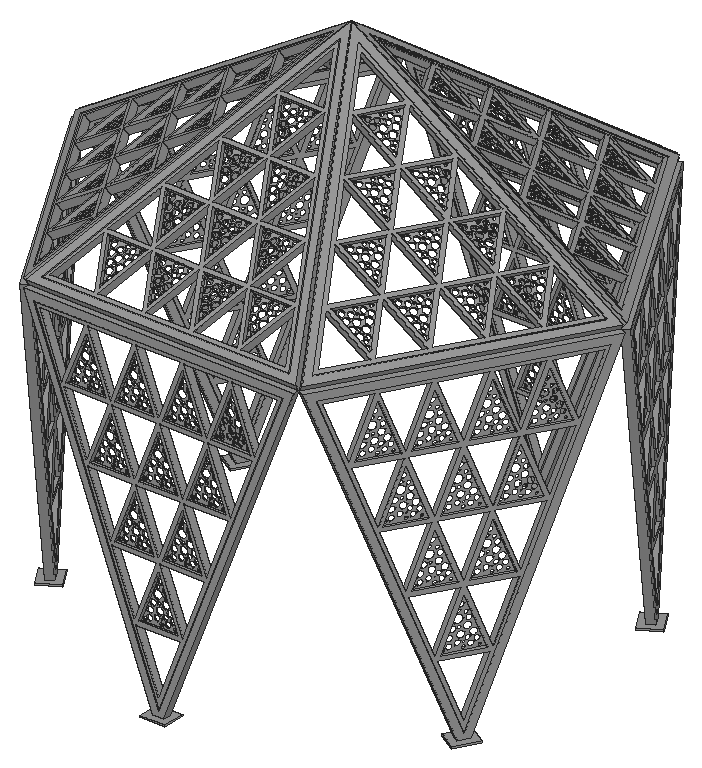
Revit family "Беседка «Трекант» Арт 19429", category Антураж, Revit 2018 (continued)
Automatic sketch dimensions
  Extrusion 84 sketch curve to Extrusion 84 sketch curve = 5.876 mm
  Extrusion 84 sketch curve to Extrusion 84 sketch curve = 6.274 mm
  Extrusion 84 sketch curve to Extrusion 84 sketch curve = 39.24 mm
  Extrusion 84 sketch curve to Extrusion 84 sketch curve = 0.748 mm
  Extrusion 84 sketch curve to Extrusion 84 sketch curve = 9.583 mm
  Extrusion 84 sketch curve to Extrusion 84 sketch curve = 35.697 mm
  Extrusion 84 sketch curve to Extrusion 84 sketch curve = 35.938 mm
  Extrusion 84 sketch curve to Extrusion 84 sketch curve = 37.503 mm
  Extrusion 84 sketch curve to Extrusion 84 sketch curve = 12.456 mm
  Extrusion 84 sketch curve to Extrusion 84 sketch curve = 30.963 mm
  Extrusion 84 sketch curve to Extrusion 84 sketch curve = 24.993 mm
  Extrusion 77 to Extrusion 85 sketch curve = 0 mm
  Extrusion 77 to Extrusion 85 sketch curve = 14.4 mm
  Extrusion 77 to Extrusion 85 sketch curve = 16.371 mm
  Extrusion 77 to Extrusion 85 sketch curve = 17.608 mm
  Extrusion 77 to Extrusion 85 sketch curve = 32.899 mm
  Extrusion 77 to Extrusion 85 sketch curve = 33.762 mm
  Extrusion 85 sketch curve to Extrusion 85 sketch curve = 31.299 mm
  Extrusion 85 sketch curve to Extrusion 85 sketch curve = 31.936 mm
  Extrusion 85 sketch curve to Extrusion 85 sketch curve = 25.851 mm
  Extrusion 85 sketch curve to Extrusion 85 sketch curve = 22.422 mm
  Extrusion 85 sketch curve to Extrusion 85 sketch curve = 31.9 mm
  Extrusion 85 sketch curve to Extrusion 85 sketch curve = 25.059 mm
  Extrusion 85 sketch curve to Extrusion 85 sketch curve = 30.603 mm
  Extrusion 85 sketch curve to Extrusion 85 sketch curve = 37.664 mm
  Extrusion 85 sketch curve to Extrusion 85 sketch curve = 6.429 mm
  Extrusion 85 sketch curve to Extrusion 85 sketch curve = 4.368 mm
  Extrusion 85 sketch curve to Extrusion 85 sketch curve = 40.922 mm
  Extrusion 85 sketch curve to Extrusion 85 sketch curve = 46.832 mm
  Extrusion 85 sketch curve to Extrusion 85 sketch curve = 24.634 mm
  Extrusion 85 sketch curve to Extrusion 85 sketch curve = 35.379 mm
  Extrusion 77 to Extrusion 85 sketch curve = 35.138 mm
  Extrusion 85 sketch curve to Extrusion 77 = 0.052 mm
  Extrusion 85 sketch curve to Extrusion 85 sketch curve = 38.707 mm
  Extrusion 85 sketch curve to Extrusion 85 sketch curve = 14.155 mm
  Extrusion 85 sketch curve to Extrusion 85 sketch curve = 22.756 mm
  Extrusion 85 sketch curve to Extrusion 85 sketch curve = 35.947 mm
  Extrusion 85 sketch curve to Extrusion 85 sketch curve = 31.116 mm
  Extrusion 85 sketch curve to Extrusion 85 sketch curve = 18.342 mm
  Extrusion 85 sketch curve to Extrusion 85 sketch curve = 0.445 mm
  Extrusion 85 sketch curve to Extrusion 85 sketch curve = 21.489 mm
  Extrusion 85 sketch curve to Extrusion 85 sketch curve = 22.071 mm
  Extrusion 85 sketch curve to Extrusion 85 sketch curve = 1.495 mm
  Extrusion 85 sketch curve to Extrusion 85 sketch curve = 5.876 mm
  Extrusion 85 sketch curve to Extrusion 85 sketch curve = 6.274 mm
  Extrusion 85 sketch curve to Extrusion 85 sketch curve = 39.24 mm
  Extrusion 85 sketch curve to Extrusion 85 sketch curve = 0.748 mm
  Extrusion 85 sketch curve to Extrusion 85 sketch curve = 9.583 mm
  Extrusion 85 sketch curve to Extrusion 85 sketch curve = 35.697 mm
  Extrusion 85 sketch curve to Extrusion 85 sketch curve = 35.938 mm
  Extrusion 85 sketch curve to Extrusion 85 sketch curve = 37.503 mm
  Extrusion 85 sketch curve to Extrusion 85 sketch curve = 12.456 mm
  Extrusion 85 sketch curve to Extrusion 85 sketch curve = 30.963 mm
  Extrusion 85 sketch curve to Extrusion 85 sketch curve = 24.993 mm
  Extrusion 77 to Extrusion 86 sketch curve = 0 mm
  Extrusion 77 to Extrusion 86 sketch curve = 14.4 mm
  Extrusion 77 to Extrusion 86 sketch curve = 16.371 mm
  Extrusion 77 to Extrusion 86 sketch curve = 17.608 mm
  Extrusion 77 to Extrusion 86 sketch curve = 32.899 mm
  Extrusion 77 to Extrusion 86 sketch curve = 33.762 mm
  Extrusion 86 sketch curve to Extrusion 86 sketch curve = 31.299 mm
  Extrusion 86 sketch curve to Extrusion 86 sketch curve = 31.936 mm
  Extrusion 86 sketch curve to Extrusion 86 sketch curve = 25.851 mm
  Extrusion 86 sketch curve to Extrusion 86 sketch curve = 22.422 mm
  Extrusion 86 sketch curve to Extrusion 86 sketch curve = 31.9 mm
  Extrusion 86 sketch curve to Extrusion 86 sketch curve = 25.059 mm
  Extrusion 86 sketch curve to Extrusion 86 sketch curve = 30.603 mm
  Extrusion 86 sketch curve to Extrusion 86 sketch curve = 37.664 mm
  Extrusion 86 sketch curve to Extrusion 86 sketch curve = 6.429 mm
  Extrusion 86 sketch curve to Extrusion 86 sketch curve = 4.368 mm
  Extrusion 86 sketch curve to Extrusion 86 sketch curve = 40.922 mm
  Extrusion 86 sketch curve to Extrusion 86 sketch curve = 46.832 mm
  Extrusion 86 sketch curve to Extrusion 86 sketch curve = 24.634 mm
  Extrusion 86 sketch curve to Extrusion 86 sketch curve = 35.379 mm
  Extrusion 77 to Extrusion 86 sketch curve = 35.138 mm
  Extrusion 86 sketch curve to Extrusion 77 = 0.155 mm
  Extrusion 86 sketch curve to Extrusion 86 sketch curve = 38.707 mm
  Extrusion 86 sketch curve to Extrusion 86 sketch curve = 14.155 mm
  Extrusion 86 sketch curve to Extrusion 86 sketch curve = 22.756 mm
  Extrusion 86 sketch curve to Extrusion 86 sketch curve = 35.947 mm
  Extrusion 86 sketch curve to Extrusion 86 sketch curve = 31.116 mm
  Extrusion 86 sketch curve to Extrusion 86 sketch curve = 18.342 mm
  Extrusion 86 sketch curve to Extrusion 86 sketch curve = 0.445 mm
  Extrusion 86 sketch curve to Extrusion 86 sketch curve = 21.489 mm
  Extrusion 86 sketch curve to Extrusion 86 sketch curve = 22.071 mm
  Extrusion 86 sketch curve to Extrusion 86 sketch curve = 1.495 mm
  Extrusion 86 sketch curve to Extrusion 86 sketch curve = 5.876 mm
  Extrusion 86 sketch curve to Extrusion 86 sketch curve = 6.274 mm
  Extrusion 86 sketch curve to Extrusion 86 sketch curve = 39.24 mm
  Extrusion 86 sketch curve to Extrusion 86 sketch curve = 0.748 mm
  Extrusion 86 sketch curve to Extrusion 86 sketch curve = 9.583 mm
  Extrusion 86 sketch curve to Extrusion 86 sketch curve = 35.697 mm
  Extrusion 86 sketch curve to Extrusion 86 sketch curve = 35.938 mm
  Extrusion 86 sketch curve to Extrusion 86 sketch curve = 37.503 mm
  Extrusion 86 sketch curve to Extrusion 86 sketch curve = 12.456 mm
  Extrusion 86 sketch curve to Extrusion 86 sketch curve = 30.963 mm
  Extrusion 86 sketch curve to Extrusion 86 sketch curve = 24.993 mm
  Extrusion 77 to Extrusion 87 sketch curve = 0 mm
  Extrusion 77 to Extrusion 87 sketch curve = 14.4 mm
  Extrusion 77 to Extrusion 87 sketch curve = 16.371 mm
  Extrusion 77 to Extrusion 87 sketch curve = 17.608 mm
  Extrusion 77 to Extrusion 87 sketch curve = 32.899 mm
  Extrusion 77 to Extrusion 87 sketch curve = 33.762 mm
  Extrusion 87 sketch curve to Extrusion 87 sketch curve = 31.299 mm
  Extrusion 87 sketch curve to Extrusion 87 sketch curve = 31.936 mm
  Extrusion 87 sketch curve to Extrusion 87 sketch curve = 25.851 mm
  Extrusion 87 sketch curve to Extrusion 87 sketch curve = 22.422 mm
  Extrusion 87 sketch curve to Extrusion 87 sketch curve = 31.9 mm
  Extrusion 87 sketch curve to Extrusion 87 sketch curve = 25.059 mm
  Extrusion 87 sketch curve to Extrusion 87 sketch curve = 30.603 mm
  Extrusion 87 sketch curve to Extrusion 87 sketch curve = 37.664 mm
  Extrusion 87 sketch curve to Extrusion 87 sketch curve = 6.429 mm
  Extrusion 87 sketch curve to Extrusion 87 sketch curve = 4.368 mm
  Extrusion 87 sketch curve to Extrusion 87 sketch curve = 40.922 mm
  Extrusion 87 sketch curve to Extrusion 87 sketch curve = 46.832 mm
  Extrusion 87 sketch curve to Extrusion 87 sketch curve = 24.634 mm
  Extrusion 87 sketch curve to Extrusion 87 sketch curve = 35.379 mm
  Extrusion 77 to Extrusion 87 sketch curve = 35.138 mm
  Extrusion 87 sketch curve to Extrusion 77 = 0.052 mm
  Extrusion 87 sketch curve to Extrusion 87 sketch curve = 38.707 mm
  Extrusion 87 sketch curve to Extrusion 87 sketch curve = 14.155 mm
  Extrusion 87 sketch curve to Extrusion 87 sketch curve = 22.756 mm
  Extrusion 87 sketch curve to Extrusion 87 sketch curve = 35.947 mm
  Extrusion 87 sketch curve to Extrusion 87 sketch curve = 31.116 mm
  Extrusion 87 sketch curve to Extrusion 87 sketch curve = 18.342 mm
  Extrusion 87 sketch curve to Extrusion 87 sketch curve = 0.445 mm
  Extrusion 87 sketch curve to Extrusion 87 sketch curve = 21.489 mm
  Extrusion 87 sketch curve to Extrusion 87 sketch curve = 22.071 mm
  Extrusion 87 sketch curve to Extrusion 87 sketch curve = 1.495 mm
  Extrusion 87 sketch curve to Extrusion 87 sketch curve = 5.876 mm
  Extrusion 87 sketch curve to Extrusion 87 sketch curve = 6.274 mm
  Extrusion 87 sketch curve to Extrusion 87 sketch curve = 39.24 mm
  Extrusion 87 sketch curve to Extrusion 87 sketch curve = 0.748 mm
  Extrusion 87 sketch curve to Extrusion 87 sketch curve = 9.583 mm
  Extrusion 87 sketch curve to Extrusion 87 sketch curve = 35.697 mm
  Extrusion 87 sketch curve to Extrusion 87 sketch curve = 35.938 mm
  Extrusion 87 sketch curve to Extrusion 87 sketch curve = 37.503 mm
  Extrusion 87 sketch curve to Extrusion 87 sketch curve = 12.456 mm
  Extrusion 87 sketch curve to Extrusion 87 sketch curve = 30.963 mm
  Extrusion 87 sketch curve to Extrusion 87 sketch curve = 24.993 mm
  Extrusion 73 sketch curve to Extrusion 73 sketch curve = 30.084 mm
  Extrusion 73 sketch curve to Extrusion 73 sketch curve = 1620.083 mm
  Extrusion 73 sketch curve to Extrusion 73 sketch curve = 29.688 mm
  Extrusion 73 sketch curve to Extrusion 73 sketch curve = 39.94 mm
  plane 3 "По центру (Влево/Вправо)" to Extrusion 88 sketch curve = 371.282 mm  (x2)
  Extrusion 88 sketch curve to Extrusion 88 sketch curve = 85.269 mm  (x4)
  Extrusion 88 sketch curve to Extrusion 88 sketch curve = 129.904 mm  (x4)
  Extrusion 88 sketch curve to plane 4 = 943.845 mm  (x2)
  Extrusion 88 sketch curve to Extrusion 88 sketch curve = 75 mm  (x4)
  plane 4 to Extrusion 88 sketch curve = 50 mm
  Extrusion 88 sketch curve to Extrusion 88 sketch curve = 1205.775 mm  (x2)
  Extrusion 88 sketch curve to Extrusion 88 sketch curve = 170.539 mm  (x2)
  Extrusion 88 sketch curve to plane 4 = 100 mm
  Extrusion 88 sketch curve to plane 1 "По центру (Вперед/Назад)" = 943.845 mm
  Extrusion 88 sketch curve to plane 1 "По центру (Вперед/Назад)" = 100 mm
  plane 1 "По центру (Вперед/Назад)" to Extrusion 88 sketch curve = 50 mm
  Extrusion 88 sketch curve to plane 5 = 586.456 mm  (x2)
  Extrusion 88 sketch curve to plane 1 "По центру (Вперед/Назад)" = 721.155 mm
  radius of Extrusion 3 sketch curve = 20 mm  (x6)
  radius of Extrusion 3 sketch curve = 15 mm  (x4)
  radius of Extrusion 3 sketch curve = 30 mm
  radius of Extrusion 3 sketch curve = 25 mm  (x3)
  radius of Extrusion 3 sketch curve = 21.813 mm
  radius of Extrusion 3 sketch curve = 12.691 mm
  radius of Extrusion 3 sketch curve = 22.784 mm
  radius of Extrusion 3 sketch curve = 17.591 mm
  radius of Extrusion 3 sketch curve = 12.84 mm
  radius of Extrusion 3 sketch curve = 8.413 mm
  radius of Extrusion 4 sketch curve = 20 mm  (x6)
  radius of Extrusion 4 sketch curve = 15 mm  (x4)
  radius of Extrusion 4 sketch curve = 30 mm
  radius of Extrusion 4 sketch curve = 25 mm  (x3)
  radius of Extrusion 4 sketch curve = 21.813 mm
  radius of Extrusion 4 sketch curve = 12.691 mm
  radius of Extrusion 4 sketch curve = 22.784 mm
  radius of Extrusion 4 sketch curve = 17.591 mm
  radius of Extrusion 4 sketch curve = 12.84 mm
  radius of Extrusion 4 sketch curve = 8.413 mm
  radius of Extrusion 5 sketch curve = 20 mm  (x6)
  radius of Extrusion 5 sketch curve = 15 mm  (x4)
  radius of Extrusion 5 sketch curve = 30 mm
  radius of Extrusion 5 sketch curve = 25 mm  (x3)
  radius of Extrusion 5 sketch curve = 21.813 mm
  radius of Extrusion 5 sketch curve = 12.691 mm
  radius of Extrusion 5 sketch curve = 22.784 mm
  radius of Extrusion 5 sketch curve = 17.591 mm
  radius of Extrusion 5 sketch curve = 12.84 mm
  radius of Extrusion 5 sketch curve = 8.413 mm
  radius of Extrusion 6 sketch curve = 20 mm  (x6)
  radius of Extrusion 6 sketch curve = 15 mm  (x4)
  radius of Extrusion 6 sketch curve = 30 mm
  radius of Extrusion 6 sketch curve = 25 mm  (x3)
  radius of Extrusion 6 sketch curve = 21.813 mm
  radius of Extrusion 6 sketch curve = 12.691 mm
  radius of Extrusion 6 sketch curve = 22.784 mm
  radius of Extrusion 6 sketch curve = 17.591 mm
  radius of Extrusion 6 sketch curve = 12.84 mm
  radius of Extrusion 6 sketch curve = 8.413 mm
  radius of Extrusion 7 sketch curve = 20 mm  (x6)
  radius of Extrusion 7 sketch curve = 15 mm  (x4)
  radius of Extrusion 7 sketch curve = 30 mm
  radius of Extrusion 7 sketch curve = 25 mm  (x3)
  radius of Extrusion 7 sketch curve = 21.813 mm
  radius of Extrusion 7 sketch curve = 12.691 mm
  radius of Extrusion 7 sketch curve = 22.784 mm
  radius of Extrusion 7 sketch curve = 17.591 mm
  radius of Extrusion 7 sketch curve = 12.84 mm
  radius of Extrusion 7 sketch curve = 8.413 mm
  radius of Extrusion 8 sketch curve = 20 mm  (x6)
  radius of Extrusion 8 sketch curve = 15 mm  (x4)
  radius of Extrusion 8 sketch curve = 30 mm
  radius of Extrusion 8 sketch curve = 25 mm  (x3)
  radius of Extrusion 8 sketch curve = 21.813 mm
  radius of Extrusion 8 sketch curve = 12.691 mm
  radius of Extrusion 8 sketch curve = 22.784 mm
  radius of Extrusion 8 sketch curve = 17.591 mm
  radius of Extrusion 8 sketch curve = 12.84 mm
  radius of Extrusion 8 sketch curve = 8.413 mm
  radius of Extrusion 9 sketch curve = 20 mm  (x6)
  radius of Extrusion 9 sketch curve = 15 mm  (x4)
  radius of Extrusion 9 sketch curve = 30 mm
  radius of Extrusion 9 sketch curve = 25 mm  (x3)
  radius of Extrusion 9 sketch curve = 21.813 mm
  radius of Extrusion 9 sketch curve = 12.691 mm
  radius of Extrusion 9 sketch curve = 22.784 mm
  radius of Extrusion 9 sketch curve = 17.591 mm
  radius of Extrusion 9 sketch curve = 12.84 mm
  radius of Extrusion 9 sketch curve = 8.413 mm
  radius of Extrusion 10 sketch curve = 20 mm  (x6)
  radius of Extrusion 10 sketch curve = 15 mm  (x4)
  radius of Extrusion 10 sketch curve = 30 mm
  radius of Extrusion 10 sketch curve = 25 mm  (x3)
  radius of Extrusion 10 sketch curve = 21.813 mm
  radius of Extrusion 10 sketch curve = 12.691 mm
  radius of Extrusion 10 sketch curve = 22.784 mm
  radius of Extrusion 10 sketch curve = 17.591 mm
  radius of Extrusion 10 sketch curve = 12.84 mm
  radius of Extrusion 10 sketch curve = 8.413 mm
  radius of Extrusion 11 sketch curve = 20 mm  (x6)
  radius of Extrusion 11 sketch curve = 15 mm  (x4)
  radius of Extrusion 11 sketch curve = 30 mm
  radius of Extrusion 11 sketch curve = 25 mm  (x3)
  radius of Extrusion 11 sketch curve = 21.813 mm
  radius of Extrusion 11 sketch curve = 12.691 mm
  radius of Extrusion 11 sketch curve = 22.784 mm
  radius of Extrusion 11 sketch curve = 17.591 mm
  radius of Extrusion 11 sketch curve = 12.84 mm
  radius of Extrusion 11 sketch curve = 8.413 mm
  radius of Extrusion 12 sketch curve = 20 mm  (x6)
  radius of Extrusion 12 sketch curve = 15 mm  (x4)
  radius of Extrusion 12 sketch curve = 30 mm
  radius of Extrusion 12 sketch curve = 25 mm  (x3)
  radius of Extrusion 12 sketch curve = 21.813 mm
  radius of Extrusion 12 sketch curve = 12.691 mm
  radius of Extrusion 12 sketch curve = 22.784 mm
  radius of Extrusion 12 sketch curve = 17.591 mm
  radius of Extrusion 12 sketch curve = 12.84 mm
  radius of Extrusion 12 sketch curve = 8.413 mm
  radius of Extrusion 15 sketch curve = 20 mm  (x6)
  radius of Extrusion 15 sketch curve = 15 mm  (x4)
  radius of Extrusion 15 sketch curve = 30 mm
  radius of Extrusion 15 sketch curve = 25 mm  (x3)
  radius of Extrusion 15 sketch curve = 21.813 mm
  radius of Extrusion 15 sketch curve = 12.691 mm
  radius of Extrusion 15 sketch curve = 22.784 mm
  radius of Extrusion 15 sketch curve = 17.591 mm
  radius of Extrusion 15 sketch curve = 12.84 mm
  radius of Extrusion 15 sketch curve = 8.413 mm
  radius of Extrusion 16 sketch curve = 20 mm  (x6)
  radius of Extrusion 16 sketch curve = 15 mm  (x4)
  radius of Extrusion 16 sketch curve = 30 mm
  radius of Extrusion 16 sketch curve = 25 mm  (x3)
  radius of Extrusion 16 sketch curve = 21.813 mm
  radius of Extrusion 16 sketch curve = 12.691 mm
  radius of Extrusion 16 sketch curve = 22.784 mm
  radius of Extrusion 16 sketch curve = 17.591 mm
  radius of Extrusion 16 sketch curve = 12.84 mm
  radius of Extrusion 16 sketch curve = 8.413 mm
  radius of Extrusion 17 sketch curve = 20 mm  (x6)
  radius of Extrusion 17 sketch curve = 15 mm  (x4)
  radius of Extrusion 17 sketch curve = 30 mm
  radius of Extrusion 17 sketch curve = 25 mm  (x3)
  radius of Extrusion 17 sketch curve = 21.813 mm
  radius of Extrusion 17 sketch curve = 12.691 mm
  radius of Extrusion 17 sketch curve = 22.784 mm
  radius of Extrusion 17 sketch curve = 17.591 mm
  radius of Extrusion 17 sketch curve = 12.84 mm
  radius of Extrusion 17 sketch curve = 8.413 mm
  radius of Extrusion 18 sketch curve = 20 mm  (x6)
  radius of Extrusion 18 sketch curve = 15 mm  (x4)
  radius of Extrusion 18 sketch curve = 30 mm
  radius of Extrusion 18 sketch curve = 25 mm  (x3)
  radius of Extrusion 18 sketch curve = 21.813 mm
  radius of Extrusion 18 sketch curve = 12.691 mm
  radius of Extrusion 18 sketch curve = 22.784 mm
  radius of Extrusion 18 sketch curve = 17.591 mm
  radius of Extrusion 18 sketch curve = 12.84 mm
  radius of Extrusion 18 sketch curve = 8.413 mm
  radius of Extrusion 19 sketch curve = 20 mm  (x6)
  radius of Extrusion 19 sketch curve = 15 mm  (x4)
  radius of Extrusion 19 sketch curve = 30 mm
  radius of Extrusion 19 sketch curve = 25 mm  (x3)
  radius of Extrusion 19 sketch curve = 21.813 mm
  radius of Extrusion 19 sketch curve = 12.691 mm
  radius of Extrusion 19 sketch curve = 22.784 mm
  radius of Extrusion 19 sketch curve = 17.591 mm
  radius of Extrusion 19 sketch curve = 12.84 mm
  radius of Extrusion 19 sketch curve = 8.413 mm
  radius of Extrusion 20 sketch curve = 20 mm  (x6)
  radius of Extrusion 20 sketch curve = 15 mm  (x4)
  radius of Extrusion 20 sketch curve = 30 mm
  radius of Extrusion 20 sketch curve = 25 mm  (x3)
  radius of Extrusion 20 sketch curve = 21.813 mm
  radius of Extrusion 20 sketch curve = 12.691 mm
  radius of Extrusion 20 sketch curve = 22.784 mm
  radius of Extrusion 20 sketch curve = 17.591 mm
  radius of Extrusion 20 sketch curve = 12.84 mm
  radius of Extrusion 20 sketch curve = 8.413 mm
  radius of Extrusion 21 sketch curve = 20 mm  (x6)
  radius of Extrusion 21 sketch curve = 15 mm  (x4)
  radius of Extrusion 21 sketch curve = 30 mm
  radius of Extrusion 21 sketch curve = 25 mm  (x3)
  radius of Extrusion 21 sketch curve = 21.813 mm
  radius of Extrusion 21 sketch curve = 12.691 mm
  radius of Extrusion 21 sketch curve = 22.784 mm
  radius of Extrusion 21 sketch curve = 17.591 mm
  radius of Extrusion 21 sketch curve = 12.84 mm
  radius of Extrusion 21 sketch curve = 8.413 mm
  radius of Extrusion 22 sketch curve = 20 mm  (x6)
  radius of Extrusion 22 sketch curve = 15 mm  (x4)
  radius of Extrusion 22 sketch curve = 30 mm
  radius of Extrusion 22 sketch curve = 25 mm  (x3)
  radius of Extrusion 22 sketch curve = 21.813 mm
  radius of Extrusion 22 sketch curve = 12.691 mm
  radius of Extrusion 22 sketch curve = 22.784 mm
  radius of Extrusion 22 sketch curve = 17.591 mm
  radius of Extrusion 22 sketch curve = 12.84 mm
  radius of Extrusion 22 sketch curve = 8.413 mm
  radius of Extrusion 23 sketch curve = 20 mm  (x6)
  radius of Extrusion 23 sketch curve = 15 mm  (x4)
  radius of Extrusion 23 sketch curve = 30 mm
  radius of Extrusion 23 sketch curve = 25 mm  (x3)
  radius of Extrusion 23 sketch curve = 21.813 mm
  radius of Extrusion 23 sketch curve = 12.691 mm
  radius of Extrusion 23 sketch curve = 22.784 mm
  radius of Extrusion 23 sketch curve = 17.591 mm
  radius of Extrusion 23 sketch curve = 12.84 mm
  radius of Extrusion 23 sketch curve = 8.413 mm
  radius of Extrusion 24 sketch curve = 20 mm  (x6)
  radius of Extrusion 24 sketch curve = 15 mm  (x4)
  radius of Extrusion 24 sketch curve = 30 mm
  radius of Extrusion 24 sketch curve = 25 mm  (x3)
  radius of Extrusion 24 sketch curve = 21.813 mm
  radius of Extrusion 24 sketch curve = 12.691 mm
  radius of Extrusion 24 sketch curve = 22.784 mm
  radius of Extrusion 24 sketch curve = 17.591 mm
  radius of Extrusion 24 sketch curve = 12.84 mm
  radius of Extrusion 24 sketch curve = 8.413 mm
  radius of Extrusion 27 sketch curve = 20 mm  (x6)
  radius of Extrusion 27 sketch curve = 15 mm  (x4)
  radius of Extrusion 27 sketch curve = 30 mm
  radius of Extrusion 27 sketch curve = 25 mm  (x3)
  radius of Extrusion 27 sketch curve = 21.813 mm
  radius of Extrusion 27 sketch curve = 12.691 mm
  radius of Extrusion 27 sketch curve = 22.784 mm
  radius of Extrusion 27 sketch curve = 17.591 mm
  radius of Extrusion 27 sketch curve = 12.84 mm
  radius of Extrusion 27 sketch curve = 8.413 mm
  radius of Extrusion 28 sketch curve = 20 mm  (x6)
  radius of Extrusion 28 sketch curve = 15 mm  (x4)
  radius of Extrusion 28 sketch curve = 30 mm
  radius of Extrusion 28 sketch curve = 25 mm  (x3)
  radius of Extrusion 28 sketch curve = 21.813 mm
  radius of Extrusion 28 sketch curve = 12.691 mm
  radius of Extrusion 28 sketch curve = 22.784 mm
  radius of Extrusion 28 sketch curve = 17.591 mm
  radius of Extrusion 28 sketch curve = 12.84 mm
  radius of Extrusion 28 sketch curve = 8.413 mm
  radius of Extrusion 29 sketch curve = 20 mm  (x6)
  radius of Extrusion 29 sketch curve = 15 mm  (x4)
  radius of Extrusion 29 sketch curve = 30 mm
  radius of Extrusion 29 sketch curve = 25 mm  (x3)
  radius of Extrusion 29 sketch curve = 21.813 mm
  radius of Extrusion 29 sketch curve = 12.691 mm
  radius of Extrusion 29 sketch curve = 22.784 mm
  radius of Extrusion 29 sketch curve = 17.591 mm
  radius of Extrusion 29 sketch curve = 12.84 mm
  radius of Extrusion 29 sketch curve = 8.413 mm
  radius of Extrusion 30 sketch curve = 20 mm  (x6)
  radius of Extrusion 30 sketch curve = 15 mm  (x4)
  radius of Extrusion 30 sketch curve = 30 mm
  radius of Extrusion 30 sketch curve = 25 mm  (x3)
  radius of Extrusion 30 sketch curve = 21.813 mm
  radius of Extrusion 30 sketch curve = 12.691 mm
  radius of Extrusion 30 sketch curve = 22.784 mm
  radius of Extrusion 30 sketch curve = 17.591 mm
  radius of Extrusion 30 sketch curve = 12.84 mm
  radius of Extrusion 30 sketch curve = 8.413 mm
  radius of Extrusion 31 sketch curve = 20 mm  (x6)
  radius of Extrusion 31 sketch curve = 15 mm  (x4)
  radius of Extrusion 31 sketch curve = 30 mm
  radius of Extrusion 31 sketch curve = 25 mm  (x3)
  radius of Extrusion 31 sketch curve = 21.813 mm
  radius of Extrusion 31 sketch curve = 12.691 mm
  radius of Extrusion 31 sketch curve = 22.784 mm
  radius of Extrusion 31 sketch curve = 17.591 mm
  radius of Extrusion 31 sketch curve = 12.84 mm
  radius of Extrusion 31 sketch curve = 8.413 mm
  radius of Extrusion 32 sketch curve = 20 mm  (x6)
  radius of Extrusion 32 sketch curve = 15 mm  (x4)
  radius of Extrusion 32 sketch curve = 30 mm
  radius of Extrusion 32 sketch curve = 25 mm  (x3)
  radius of Extrusion 32 sketch curve = 21.813 mm
  radius of Extrusion 32 sketch curve = 12.691 mm
  radius of Extrusion 32 sketch curve = 22.784 mm
  radius of Extrusion 32 sketch curve = 17.591 mm
  radius of Extrusion 32 sketch curve = 12.84 mm
  radius of Extrusion 32 sketch curve = 8.413 mm
  radius of Extrusion 33 sketch curve = 20 mm  (x6)
  radius of Extrusion 33 sketch curve = 15 mm  (x4)
  radius of Extrusion 33 sketch curve = 30 mm
  radius of Extrusion 33 sketch curve = 25 mm  (x3)
  radius of Extrusion 33 sketch curve = 21.813 mm
  radius of Extrusion 33 sketch curve = 12.691 mm
  radius of Extrusion 33 sketch curve = 22.784 mm
  radius of Extrusion 33 sketch curve = 17.591 mm
  radius of Extrusion 33 sketch curve = 12.84 mm
  radius of Extrusion 33 sketch curve = 8.413 mm
  radius of Extrusion 34 sketch curve = 20 mm  (x6)
  radius of Extrusion 34 sketch curve = 15 mm  (x4)
  radius of Extrusion 34 sketch curve = 30 mm
  radius of Extrusion 34 sketch curve = 25 mm  (x3)
  radius of Extrusion 34 sketch curve = 21.813 mm
  radius of Extrusion 34 sketch curve = 12.691 mm
  radius of Extrusion 34 sketch curve = 22.784 mm
  radius of Extrusion 34 sketch curve = 17.591 mm
  radius of Extrusion 34 sketch curve = 12.84 mm
  radius of Extrusion 34 sketch curve = 8.413 mm
  radius of Extrusion 35 sketch curve = 20 mm  (x6)
  radius of Extrusion 35 sketch curve = 15 mm  (x4)
  radius of Extrusion 35 sketch curve = 30 mm
  radius of Extrusion 35 sketch curve = 25 mm  (x3)
  radius of Extrusion 35 sketch curve = 21.813 mm
  radius of Extrusion 35 sketch curve = 12.691 mm
  radius of Extrusion 35 sketch curve = 22.784 mm
  radius of Extrusion 35 sketch curve = 17.591 mm
  radius of Extrusion 35 sketch curve = 12.84 mm
  radius of Extrusion 35 sketch curve = 8.413 mm
  radius of Extrusion 36 sketch curve = 20 mm  (x6)
  radius of Extrusion 36 sketch curve = 15 mm  (x4)
  radius of Extrusion 36 sketch curve = 30 mm
  radius of Extrusion 36 sketch curve = 25 mm  (x3)
  radius of Extrusion 36 sketch curve = 21.813 mm
  radius of Extrusion 36 sketch curve = 12.691 mm
  radius of Extrusion 36 sketch curve = 22.784 mm
  radius of Extrusion 36 sketch curve = 17.591 mm
  radius of Extrusion 36 sketch curve = 12.84 mm
  radius of Extrusion 36 sketch curve = 8.413 mm
  radius of Extrusion 39 sketch curve = 20 mm  (x6)
  radius of Extrusion 39 sketch curve = 15 mm  (x4)
  radius of Extrusion 39 sketch curve = 30 mm
  radius of Extrusion 39 sketch curve = 25 mm  (x3)
  radius of Extrusion 39 sketch curve = 21.813 mm
  radius of Extrusion 39 sketch curve = 12.691 mm
  radius of Extrusion 39 sketch curve = 22.784 mm
  radius of Extrusion 39 sketch curve = 17.591 mm
  radius of Extrusion 39 sketch curve = 12.84 mm
  radius of Extrusion 39 sketch curve = 8.413 mm
  radius of Extrusion 40 sketch curve = 20 mm  (x6)
  radius of Extrusion 40 sketch curve = 15 mm  (x4)
  radius of Extrusion 40 sketch curve = 30 mm
  radius of Extrusion 40 sketch curve = 25 mm  (x3)
  radius of Extrusion 40 sketch curve = 21.813 mm
  radius of Extrusion 40 sketch curve = 12.691 mm
  radius of Extrusion 40 sketch curve = 22.784 mm
  radius of Extrusion 40 sketch curve = 17.591 mm
  radius of Extrusion 40 sketch curve = 12.84 mm
  radius of Extrusion 40 sketch curve = 8.413 mm
  radius of Extrusion 41 sketch curve = 20 mm  (x6)
  radius of Extrusion 41 sketch curve = 15 mm  (x4)
  radius of Extrusion 41 sketch curve = 30 mm
  radius of Extrusion 41 sketch curve = 25 mm  (x3)
  radius of Extrusion 41 sketch curve = 21.813 mm
  radius of Extrusion 41 sketch curve = 12.691 mm
  radius of Extrusion 41 sketch curve = 22.784 mm
  radius of Extrusion 41 sketch curve = 17.591 mm
  radius of Extrusion 41 sketch curve = 12.84 mm
  radius of Extrusion 41 sketch curve = 8.413 mm
  radius of Extrusion 42 sketch curve = 20 mm  (x6)
  radius of Extrusion 42 sketch curve = 15 mm  (x4)
  radius of Extrusion 42 sketch curve = 30 mm
  radius of Extrusion 42 sketch curve = 25 mm  (x3)
  radius of Extrusion 42 sketch curve = 21.813 mm
  radius of Extrusion 42 sketch curve = 12.691 mm
  radius of Extrusion 42 sketch curve = 22.784 mm
  radius of Extrusion 42 sketch curve = 17.591 mm
  radius of Extrusion 42 sketch curve = 12.84 mm
  radius of Extrusion 42 sketch curve = 8.413 mm
  radius of Extrusion 43 sketch curve = 20 mm  (x6)
  radius of Extrusion 43 sketch curve = 15 mm  (x4)
  radius of Extrusion 43 sketch curve = 30 mm
  radius of Extrusion 43 sketch curve = 25 mm  (x3)
  radius of Extrusion 43 sketch curve = 21.813 mm
  radius of Extrusion 43 sketch curve = 12.691 mm
  radius of Extrusion 43 sketch curve = 22.784 mm
  radius of Extrusion 43 sketch curve = 17.591 mm
  radius of Extrusion 43 sketch curve = 12.84 mm
  radius of Extrusion 43 sketch curve = 8.413 mm
  radius of Extrusion 44 sketch curve = 20 mm  (x6)
  radius of Extrusion 44 sketch curve = 15 mm  (x4)
  radius of Extrusion 44 sketch curve = 30 mm
  radius of Extrusion 44 sketch curve = 25 mm  (x3)
  radius of Extrusion 44 sketch curve = 21.813 mm
  radius of Extrusion 44 sketch curve = 12.691 mm
  radius of Extrusion 44 sketch curve = 22.784 mm
  radius of Extrusion 44 sketch curve = 17.591 mm
  radius of Extrusion 44 sketch curve = 12.84 mm
  radius of Extrusion 44 sketch curve = 8.413 mm
  radius of Extrusion 45 sketch curve = 20 mm  (x6)
  radius of Extrusion 45 sketch curve = 15 mm  (x4)
  radius of Extrusion 45 sketch curve = 30 mm
  radius of Extrusion 45 sketch curve = 25 mm  (x3)
  radius of Extrusion 45 sketch curve = 21.813 mm
  radius of Extrusion 45 sketch curve = 12.691 mm
  radius of Extrusion 45 sketch curve = 22.784 mm
  radius of Extrusion 45 sketch curve = 17.591 mm
  radius of Extrusion 45 sketch curve = 12.84 mm
  radius of Extrusion 45 sketch curve = 8.413 mm
  radius of Extrusion 46 sketch curve = 20 mm  (x6)
  radius of Extrusion 46 sketch curve = 15 mm  (x4)
  radius of Extrusion 46 sketch curve = 30 mm
  radius of Extrusion 46 sketch curve = 25 mm  (x3)
  radius of Extrusion 46 sketch curve = 21.813 mm
  radius of Extrusion 46 sketch curve = 12.691 mm
  radius of Extrusion 46 sketch curve = 22.784 mm
  radius of Extrusion 46 sketch curve = 17.591 mm
  radius of Extrusion 46 sketch curve = 12.84 mm
  radius of Extrusion 46 sketch curve = 8.413 mm
  radius of Extrusion 47 sketch curve = 20 mm  (x6)
  radius of Extrusion 47 sketch curve = 15 mm  (x4)
  radius of Extrusion 47 sketch curve = 30 mm
  radius of Extrusion 47 sketch curve = 25 mm  (x3)
  radius of Extrusion 47 sketch curve = 21.813 mm
  radius of Extrusion 47 sketch curve = 12.691 mm
  radius of Extrusion 47 sketch curve = 22.784 mm
  radius of Extrusion 47 sketch curve = 17.591 mm
  radius of Extrusion 47 sketch curve = 12.84 mm
  radius of Extrusion 47 sketch curve = 8.413 mm
  radius of Extrusion 48 sketch curve = 20 mm  (x6)
  radius of Extrusion 48 sketch curve = 15 mm  (x4)
  radius of Extrusion 48 sketch curve = 30 mm
  radius of Extrusion 48 sketch curve = 25 mm  (x3)
  radius of Extrusion 48 sketch curve = 21.813 mm
  radius of Extrusion 48 sketch curve = 12.691 mm
  radius of Extrusion 48 sketch curve = 22.784 mm
  radius of Extrusion 48 sketch curve = 17.591 mm
  radius of Extrusion 48 sketch curve = 12.84 mm
  radius of Extrusion 48 sketch curve = 8.413 mm
  radius of Extrusion 51 sketch curve = 20 mm  (x6)
  radius of Extrusion 51 sketch curve = 15 mm  (x4)
  radius of Extrusion 51 sketch curve = 30 mm
  radius of Extrusion 51 sketch curve = 25 mm  (x3)
  radius of Extrusion 51 sketch curve = 21.813 mm
  radius of Extrusion 51 sketch curve = 12.691 mm
  radius of Extrusion 51 sketch curve = 22.784 mm
  radius of Extrusion 51 sketch curve = 17.591 mm
  radius of Extrusion 51 sketch curve = 12.84 mm
  radius of Extrusion 51 sketch curve = 8.413 mm
  radius of Extrusion 52 sketch curve = 20 mm  (x6)
  radius of Extrusion 52 sketch curve = 15 mm  (x4)
  radius of Extrusion 52 sketch curve = 30 mm
  radius of Extrusion 52 sketch curve = 25 mm  (x3)
  radius of Extrusion 52 sketch curve = 21.813 mm
  radius of Extrusion 52 sketch curve = 12.691 mm
  radius of Extrusion 52 sketch curve = 22.784 mm
  radius of Extrusion 52 sketch curve = 17.591 mm
  radius of Extrusion 52 sketch curve = 12.84 mm
  radius of Extrusion 52 sketch curve = 8.413 mm
  radius of Extrusion 53 sketch curve = 20 mm  (x6)
  radius of Extrusion 53 sketch curve = 15 mm  (x4)
  radius of Extrusion 53 sketch curve = 30 mm
  radius of Extrusion 53 sketch curve = 25 mm  (x3)
  radius of Extrusion 53 sketch curve = 21.813 mm
  radius of Extrusion 53 sketch curve = 12.691 mm
  radius of Extrusion 53 sketch curve = 22.784 mm
  radius of Extrusion 53 sketch curve = 17.591 mm
  radius of Extrusion 53 sketch curve = 12.84 mm
  radius of Extrusion 53 sketch curve = 8.413 mm
  radius of Extrusion 54 sketch curve = 20 mm  (x6)
  radius of Extrusion 54 sketch curve = 15 mm  (x4)
  radius of Extrusion 54 sketch curve = 30 mm
  radius of Extrusion 54 sketch curve = 25 mm  (x3)
  radius of Extrusion 54 sketch curve = 21.813 mm
  radius of Extrusion 54 sketch curve = 12.691 mm
  radius of Extrusion 54 sketch curve = 22.784 mm
  radius of Extrusion 54 sketch curve = 17.591 mm
  radius of Extrusion 54 sketch curve = 12.84 mm
  radius of Extrusion 54 sketch curve = 8.413 mm
  radius of Extrusion 55 sketch curve = 20 mm  (x6)
  radius of Extrusion 55 sketch curve = 15 mm  (x4)
  radius of Extrusion 55 sketch curve = 30 mm
  radius of Extrusion 55 sketch curve = 25 mm  (x3)
  radius of Extrusion 55 sketch curve = 21.813 mm
  radius of Extrusion 55 sketch curve = 12.691 mm
  radius of Extrusion 55 sketch curve = 22.784 mm
  radius of Extrusion 55 sketch curve = 17.591 mm
  radius of Extrusion 55 sketch curve = 12.84 mm
  radius of Extrusion 55 sketch curve = 8.413 mm
  radius of Extrusion 56 sketch curve = 20 mm  (x6)
  radius of Extrusion 56 sketch curve = 15 mm  (x4)
  radius of Extrusion 56 sketch curve = 30 mm
  radius of Extrusion 56 sketch curve = 25 mm  (x3)
  radius of Extrusion 56 sketch curve = 21.813 mm
  radius of Extrusion 56 sketch curve = 12.691 mm
  radius of Extrusion 56 sketch curve = 22.784 mm
  radius of Extrusion 56 sketch curve = 17.591 mm
  radius of Extrusion 56 sketch curve = 12.84 mm
  radius of Extrusion 56 sketch curve = 8.413 mm
  radius of Extrusion 57 sketch curve = 20 mm  (x6)
  radius of Extrusion 57 sketch curve = 15 mm  (x4)
  radius of Extrusion 57 sketch curve = 30 mm
  radius of Extrusion 57 sketch curve = 25 mm  (x3)
  radius of Extrusion 57 sketch curve = 21.813 mm
  radius of Extrusion 57 sketch curve = 12.691 mm
  radius of Extrusion 57 sketch curve = 22.784 mm
  radius of Extrusion 57 sketch curve = 17.591 mm
  radius of Extrusion 57 sketch curve = 12.84 mm
  radius of Extrusion 57 sketch curve = 8.413 mm
  radius of Extrusion 58 sketch curve = 20 mm  (x6)
  radius of Extrusion 58 sketch curve = 15 mm  (x4)
  radius of Extrusion 58 sketch curve = 30 mm
  radius of Extrusion 58 sketch curve = 25 mm  (x3)
  radius of Extrusion 58 sketch curve = 21.813 mm
  radius of Extrusion 58 sketch curve = 12.691 mm
  radius of Extrusion 58 sketch curve = 22.784 mm
  radius of Extrusion 58 sketch curve = 17.591 mm
  radius of Extrusion 58 sketch curve = 12.84 mm
  radius of Extrusion 58 sketch curve = 8.413 mm
  radius of Extrusion 59 sketch curve = 20 mm  (x6)
  radius of Extrusion 59 sketch curve = 15 mm  (x4)
  radius of Extrusion 59 sketch curve = 30 mm
  radius of Extrusion 59 sketch curve = 25 mm  (x3)
  radius of Extrusion 59 sketch curve = 21.813 mm
  radius of Extrusion 59 sketch curve = 12.691 mm
  radius of Extrusion 59 sketch curve = 22.784 mm
  radius of Extrusion 59 sketch curve = 17.591 mm
  radius of Extrusion 59 sketch curve = 12.84 mm
  radius of Extrusion 59 sketch curve = 8.413 mm
  radius of Extrusion 60 sketch curve = 20 mm  (x6)
  radius of Extrusion 60 sketch curve = 15 mm  (x4)
  radius of Extrusion 60 sketch curve = 30 mm
  radius of Extrusion 60 sketch curve = 25 mm  (x3)
  radius of Extrusion 60 sketch curve = 21.813 mm
  radius of Extrusion 60 sketch curve = 12.691 mm
  radius of Extrusion 60 sketch curve = 22.784 mm
  radius of Extrusion 60 sketch curve = 17.591 mm
  radius of Extrusion 60 sketch curve = 12.84 mm
  radius of Extrusion 60 sketch curve = 8.413 mm
  radius of Extrusion 63 sketch curve = 20 mm  (x6)
  radius of Extrusion 63 sketch curve = 15 mm  (x4)
  radius of Extrusion 63 sketch curve = 30 mm
  radius of Extrusion 63 sketch curve = 25 mm  (x3)
  radius of Extrusion 63 sketch curve = 21.813 mm
  radius of Extrusion 63 sketch curve = 12.691 mm
  radius of Extrusion 63 sketch curve = 22.784 mm
  radius of Extrusion 63 sketch curve = 17.591 mm
  radius of Extrusion 63 sketch curve = 12.84 mm
  radius of Extrusion 63 sketch curve = 8.413 mm
  radius of Extrusion 64 sketch curve = 20 mm  (x6)
  radius of Extrusion 64 sketch curve = 15 mm  (x4)
  radius of Extrusion 64 sketch curve = 30 mm
  radius of Extrusion 64 sketch curve = 25 mm  (x3)
  radius of Extrusion 64 sketch curve = 21.813 mm
  radius of Extrusion 64 sketch curve = 12.691 mm
  radius of Extrusion 64 sketch curve = 22.784 mm
  radius of Extrusion 64 sketch curve = 17.591 mm
  radius of Extrusion 64 sketch curve = 12.84 mm
  radius of Extrusion 64 sketch curve = 8.413 mm
  radius of Extrusion 65 sketch curve = 20 mm  (x6)
  radius of Extrusion 65 sketch curve = 15 mm  (x4)
  radius of Extrusion 65 sketch curve = 30 mm
  radius of Extrusion 65 sketch curve = 25 mm  (x3)
  radius of Extrusion 65 sketch curve = 21.813 mm
  radius of Extrusion 65 sketch curve = 12.691 mm
  radius of Extrusion 65 sketch curve = 22.784 mm
  radius of Extrusion 65 sketch curve = 17.591 mm
  radius of Extrusion 65 sketch curve = 12.84 mm
  radius of Extrusion 65 sketch curve = 8.413 mm
  radius of Extrusion 66 sketch curve = 20 mm  (x6)
  radius of Extrusion 66 sketch curve = 15 mm  (x4)
  radius of Extrusion 66 sketch curve = 30 mm
  radius of Extrusion 66 sketch curve = 25 mm  (x3)
  radius of Extrusion 66 sketch curve = 21.813 mm
  radius of Extrusion 66 sketch curve = 12.691 mm
  radius of Extrusion 66 sketch curve = 22.784 mm
  radius of Extrusion 66 sketch curve = 17.591 mm
  radius of Extrusion 66 sketch curve = 12.84 mm
  radius of Extrusion 66 sketch curve = 8.413 mm
  radius of Extrusion 67 sketch curve = 20 mm  (x6)
  radius of Extrusion 67 sketch curve = 15 mm  (x4)
  radius of Extrusion 67 sketch curve = 30 mm
  radius of Extrusion 67 sketch curve = 25 mm  (x3)
  radius of Extrusion 67 sketch curve = 21.813 mm
  radius of Extrusion 67 sketch curve = 12.691 mm
  radius of Extrusion 67 sketch curve = 22.784 mm
  radius of Extrusion 67 sketch curve = 17.591 mm
  radius of Extrusion 67 sketch curve = 12.84 mm
  radius of Extrusion 67 sketch curve = 8.413 mm
  radius of Extrusion 68 sketch curve = 20 mm  (x6)
  radius of Extrusion 68 sketch curve = 15 mm  (x4)
  radius of Extrusion 68 sketch curve = 30 mm
  radius of Extrusion 68 sketch curve = 25 mm  (x3)
  radius of Extrusion 68 sketch curve = 21.813 mm
  radius of Extrusion 68 sketch curve = 12.691 mm
  radius of Extrusion 68 sketch curve = 22.784 mm
  radius of Extrusion 68 sketch curve = 17.591 mm
  radius of Extrusion 68 sketch curve = 12.84 mm
  radius of Extrusion 68 sketch curve = 8.413 mm
  radius of Extrusion 69 sketch curve = 20 mm  (x6)
  radius of Extrusion 69 sketch curve = 15 mm  (x4)
  radius of Extrusion 69 sketch curve = 30 mm
  radius of Extrusion 69 sketch curve = 25 mm  (x3)
  radius of Extrusion 69 sketch curve = 21.813 mm
  radius of Extrusion 69 sketch curve = 12.691 mm
  radius of Extrusion 69 sketch curve = 22.784 mm
  radius of Extrusion 69 sketch curve = 17.591 mm
  radius of Extrusion 69 sketch curve = 12.84 mm
  radius of Extrusion 69 sketch curve = 8.413 mm
  radius of Extrusion 70 sketch curve = 20 mm  (x6)
  radius of Extrusion 70 sketch curve = 15 mm  (x4)
  radius of Extrusion 70 sketch curve = 30 mm
  radius of Extrusion 70 sketch curve = 25 mm  (x3)
  radius of Extrusion 70 sketch curve = 21.813 mm
  radius of Extrusion 70 sketch curve = 12.691 mm
  radius of Extrusion 70 sketch curve = 22.784 mm
  radius of Extrusion 70 sketch curve = 17.591 mm
  radius of Extrusion 70 sketch curve = 12.84 mm
  radius of Extrusion 70 sketch curve = 8.413 mm
  radius of Extrusion 71 sketch curve = 20 mm  (x6)
  radius of Extrusion 71 sketch curve = 15 mm  (x4)
  radius of Extrusion 71 sketch curve = 30 mm
  radius of Extrusion 71 sketch curve = 25 mm  (x3)
  radius of Extrusion 71 sketch curve = 21.813 mm
  radius of Extrusion 71 sketch curve = 12.691 mm
  radius of Extrusion 71 sketch curve = 22.784 mm
  radius of Extrusion 71 sketch curve = 17.591 mm
  radius of Extrusion 71 sketch curve = 12.84 mm
  radius of Extrusion 71 sketch curve = 8.413 mm
  radius of Extrusion 72 sketch curve = 20 mm  (x6)
  radius of Extrusion 72 sketch curve = 15 mm  (x4)
  radius of Extrusion 72 sketch curve = 30 mm
  radius of Extrusion 72 sketch curve = 25 mm  (x3)
  radius of Extrusion 72 sketch curve = 21.813 mm
  radius of Extrusion 72 sketch curve = 12.691 mm
  radius of Extrusion 72 sketch curve = 22.784 mm
  radius of Extrusion 72 sketch curve = 17.591 mm
  radius of Extrusion 72 sketch curve = 12.84 mm
  radius of Extrusion 72 sketch curve = 8.413 mm
  radius of Extrusion 78 sketch curve = 15 mm  (x4)
  radius of Extrusion 78 sketch curve = 25 mm  (x4)
  radius of Extrusion 78 sketch curve = 21.813 mm
  radius of Extrusion 78 sketch curve = 12.691 mm
  radius of Extrusion 78 sketch curve = 22.784 mm
  radius of Extrusion 78 sketch curve = 12.596 mm
  radius of Extrusion 78 sketch curve = 20 mm  (x4)
  radius of Extrusion 78 sketch curve = 17.591 mm
  radius of Extrusion 78 sketch curve = 12.84 mm
  radius of Extrusion 78 sketch curve = 8.413 mm
  radius of Extrusion 79 sketch curve = 15 mm  (x4)
  radius of Extrusion 79 sketch curve = 25 mm  (x4)
  radius of Extrusion 79 sketch curve = 21.813 mm
  radius of Extrusion 79 sketch curve = 12.691 mm
  radius of Extrusion 79 sketch curve = 22.784 mm
  radius of Extrusion 79 sketch curve = 12.596 mm
  radius of Extrusion 79 sketch curve = 20 mm  (x4)
  radius of Extrusion 79 sketch curve = 17.591 mm
  radius of Extrusion 79 sketch curve = 12.84 mm
  radius of Extrusion 79 sketch curve = 8.413 mm
  radius of Extrusion 80 sketch curve = 15 mm  (x4)
  radius of Extrusion 80 sketch curve = 25 mm  (x4)
  radius of Extrusion 80 sketch curve = 21.813 mm
  radius of Extrusion 80 sketch curve = 12.691 mm
  radius of Extrusion 80 sketch curve = 22.784 mm
  radius of Extrusion 80 sketch curve = 12.596 mm
  radius of Extrusion 80 sketch curve = 20 mm  (x4)
  radius of Extrusion 80 sketch curve = 17.591 mm
  radius of Extrusion 80 sketch curve = 12.84 mm
  radius of Extrusion 80 sketch curve = 8.413 mm
  radius of Extrusion 81 sketch curve = 15 mm  (x4)
  radius of Extrusion 81 sketch curve = 25 mm  (x4)
  radius of Extrusion 81 sketch curve = 21.813 mm
  radius of Extrusion 81 sketch curve = 12.691 mm
  radius of Extrusion 81 sketch curve = 22.784 mm
  radius of Extrusion 81 sketch curve = 12.596 mm
  radius of Extrusion 81 sketch curve = 20 mm  (x4)
  radius of Extrusion 81 sketch curve = 17.591 mm
  radius of Extrusion 81 sketch curve = 12.84 mm
  radius of Extrusion 81 sketch curve = 8.413 mm
  radius of Extrusion 82 sketch curve = 15 mm  (x4)
  radius of Extrusion 82 sketch curve = 25 mm  (x4)
  radius of Extrusion 82 sketch curve = 21.813 mm
  radius of Extrusion 82 sketch curve = 12.691 mm
  radius of Extrusion 82 sketch curve = 22.784 mm
  radius of Extrusion 82 sketch curve = 12.596 mm
  radius of Extrusion 82 sketch curve = 20 mm  (x4)
  radius of Extrusion 82 sketch curve = 17.591 mm
  radius of Extrusion 82 sketch curve = 12.84 mm
  radius of Extrusion 82 sketch curve = 8.413 mm
  radius of Extrusion 83 sketch curve = 15 mm  (x4)
  radius of Extrusion 83 sketch curve = 25 mm  (x4)
  radius of Extrusion 83 sketch curve = 21.813 mm
  radius of Extrusion 83 sketch curve = 12.691 mm
  radius of Extrusion 83 sketch curve = 22.784 mm
  radius of Extrusion 83 sketch curve = 12.596 mm
  radius of Extrusion 83 sketch curve = 20 mm  (x4)
  radius of Extrusion 83 sketch curve = 17.591 mm
  radius of Extrusion 83 sketch curve = 12.84 mm
  radius of Extrusion 83 sketch curve = 8.413 mm
  radius of Extrusion 84 sketch curve = 15 mm  (x4)
  radius of Extrusion 84 sketch curve = 25 mm  (x4)
  radius of Extrusion 84 sketch curve = 21.813 mm
  radius of Extrusion 84 sketch curve = 12.691 mm
  radius of Extrusion 84 sketch curve = 22.784 mm
  radius of Extrusion 84 sketch curve = 12.596 mm
  radius of Extrusion 84 sketch curve = 20 mm  (x4)
  radius of Extrusion 84 sketch curve = 17.591 mm
  radius of Extrusion 84 sketch curve = 12.84 mm
  radius of Extrusion 84 sketch curve = 8.413 mm
  radius of Extrusion 85 sketch curve = 15 mm  (x4)
  radius of Extrusion 85 sketch curve = 25 mm  (x4)
  radius of Extrusion 85 sketch curve = 21.813 mm
  radius of Extrusion 85 sketch curve = 12.691 mm
  radius of Extrusion 85 sketch curve = 22.784 mm
  radius of Extrusion 85 sketch curve = 12.596 mm
  radius of Extrusion 85 sketch curve = 20 mm  (x4)
  radius of Extrusion 85 sketch curve = 17.591 mm
  radius of Extrusion 85 sketch curve = 12.84 mm
  radius of Extrusion 85 sketch curve = 8.413 mm
  radius of Extrusion 86 sketch curve = 15 mm  (x4)
  radius of Extrusion 86 sketch curve = 25 mm  (x4)
  radius of Extrusion 86 sketch curve = 21.813 mm
  radius of Extrusion 86 sketch curve = 12.691 mm
  radius of Extrusion 86 sketch curve = 22.784 mm
  radius of Extrusion 86 sketch curve = 12.596 mm
  radius of Extrusion 86 sketch curve = 20 mm  (x4)
  radius of Extrusion 86 sketch curve = 17.591 mm
  radius of Extrusion 86 sketch curve = 12.84 mm
  radius of Extrusion 86 sketch curve = 8.413 mm
  radius of Extrusion 87 sketch curve = 15 mm  (x4)
  radius of Extrusion 87 sketch curve = 25 mm  (x4)
  radius of Extrusion 87 sketch curve = 21.813 mm
  radius of Extrusion 87 sketch curve = 12.691 mm
  radius of Extrusion 87 sketch curve = 22.784 mm
  radius of Extrusion 87 sketch curve = 12.596 mm
  radius of Extrusion 87 sketch curve = 20 mm  (x4)
  radius of Extrusion 87 sketch curve = 17.591 mm
  radius of Extrusion 87 sketch curve = 12.84 mm
  radius of Extrusion 87 sketch curve = 8.413 mm
Nested families
  nested 1: "Беседка «Трекант» Арт 19429 крыша" at (0, 0, 0), type "Беседка «Трекант» Арт 19429 крыша"
  nested 2: "Беседка «Трекант» Арт 19429 крыша" at (4236.532, 834.037, 0) x (-0.5, 0.866, 0) z (0, 0, 1), type "Беседка «Трекант» Арт 19429 крыша"
  nested 3: "Беседка «Трекант» Арт 19429 крыша" at (2359.032, -805.963, 0) x (0.5, 0.866, 0) z (0, 0, 1), type "Беседка «Трекант» Арт 19429 крыша"
  nested 4: "Беседка «Трекант» Арт 19429 крыша" at (3755, 3280, 0) x (-1, 0, 0) z (0, 0, 1), type "Беседка «Трекант» Арт 19429 крыша"
  nested 5: "Беседка «Трекант» Арт 19429 крыша" at (1395.968, 4085.963, 0) x (-0.5, -0.866, 0) z (0, 0, 1), type "Беседка «Трекант» Арт 19429 крыша"
  nested 6: "Беседка «Трекант» Арт 19429 крыша" at (-481.532, 2445.963, 0) x (0.5, -0.866, 0) z (0, 0, 1), type "Беседка «Трекант» Арт 19429 крыша"
Definition of nested family "Беседка «Трекант» Арт 19429 крыша"
  Parameters (values of type "Беседка «Трекант» Арт 19429 крыша")
    Ширина = 3755 mm
    Цвет отделки = none
    Цвет каркаса = none
    Длина = 3280 mm
    Height = 0 mm
  Reference planes
    plane 1 "По центру (Вперед/Назад)": y = 0
    plane 2: z = 0
    plane 3 "По центру (Влево/Вправо)": x = 0
    plane 4: y = 3280
    plane 5: x = 3755
    plane 6: z = 3535
    plane 7 "12": y = 1640
    plane 8 "123": z = 2299.592
    plane 9 "5": through (930.646, 0, 2300) normal (-0.866, 0.5, 0)
    plane 10 "4": through (930.646, 3280, 2300) normal (0.866, 0.5, 0)
    plane 11 "1": through (0, 1640, 3535) normal (0, -0.6046, 0.7965)
  Forms (mm)
    Extrusion 1, solid, material <- "Цвет каркаса"
      sketch origin (0, 0, 0) x (0, 1, 0) y (0, 0, 1)
        loop
          line (19.917, 2339.53) -> (50.001, 2299.59) -> (1669.688, 3494.768) -> (1640, 3535) -> (19.917, 2339.53)
      from 959.5 to 2795.5
    Extrusion 2, void
      sketch origin (0, -12.14, 2315.875) x (0, -0.804646, -0.593754) y (-1, 0, 0)
        loop
          line (-2053.249, -1877.5) -> (-39.84, -959.5) -> (-2053.249, -959.5) -> (-2053.249, -1877.5)
      from 0 to 60
    Extrusion 3, void
      sketch origin (3755, -12.14, 2315.875) x (0, -0.804646, -0.593754) y (-1, 0, 0)
        loop
          line (-2053.249, 1877.5) -> (-2053.249, 959.5) -> (-39.84, 959.5) -> (-2053.249, 1877.5)
      from 0 to 60
    Extrusion 4, void
      sketch origin (0, -12.14, 2315.875) x (0, -0.804646, -0.593754) y (-1, 0, 0)
        loop
          line (-89.84, -1037.249) -> (-1932.726, -1877.5) -> (-89.84, -2717.751) -> (-89.84, -1037.249)
      from 0 to 250
    Extrusion 5, solid, material <- "Цвет отделки"
      sketch origin (0, -12.14, 2315.875) x (0, 0.804646, 0.593754) y (-1, 0, 0)
        loop
          line (114.84, -1076.124) -> (114.84, -1378.414) -> (446.34, -1227.269) -> (114.84, -1076.124)
        loop
          line (1872.464, -1877.5) -> (1540.84, -1726.298) -> (1540.84, -2028.702) -> (1872.464, -1877.5)
        loop
          line (114.84, -2678.876) -> (446.34, -2527.731) -> (114.84, -2376.586) -> (114.84, -2678.876)
        loop
          line (89.84, -1037.249) -> (89.84, -2717.751) -> (1932.726, -1877.5) -> (89.84, -1037.249)
        loop
          line (446.34, -1254.745) -> (149.977, -1389.869) -> (446.34, -1524.993) -> (446.34, -1254.745)
        loop
          line (1159.34, -1579.832) -> (862.977, -1714.956) -> (1159.34, -1850.081) -> (1159.34, -1579.832)
        loop
          line (1515.84, -1742.376) -> (1219.477, -1877.5) -> (1515.84, -2012.624) -> (1515.84, -1742.376)
        loop
          line (802.84, -1417.288) -> (506.477, -1552.413) -> (802.84, -1687.537) -> (802.84, -1417.288)
        loop
          line (471.34, -1238.667) -> (471.34, -1540.957) -> (802.84, -1389.812) -> (471.34, -1238.667)
        loop
          line (827.84, -1401.211) -> (827.84, -1703.501) -> (1159.34, -1552.356) -> (827.84, -1401.211)
        loop
          line (1184.34, -1563.755) -> (1184.34, -1866.045) -> (1515.84, -1714.9) -> (1184.34, -1563.755)
        loop
          line (1515.84, -2040.1) -> (1184.34, -1888.955) -> (1184.34, -2191.245) -> (1515.84, -2040.1)
        loop
          line (802.84, -2365.188) -> (471.34, -2214.043) -> (471.34, -2516.333) -> (802.84, -2365.188)
        loop
          line (1159.34, -2202.644) -> (827.84, -2051.499) -> (827.84, -2353.789) -> (1159.34, -2202.644)
        loop
          line (827.84, -1726.412) -> (827.84, -2028.588) -> (1159.216, -1877.5) -> (827.84, -1726.412)
        loop
          line (1159.34, -1904.919) -> (862.977, -2040.044) -> (1159.34, -2175.168) -> (1159.34, -1904.919)
        loop
          line (802.84, -2040.1) -> (471.34, -1888.955) -> (471.34, -2191.245) -> (802.84, -2040.1)
        loop
          line (471.34, -1563.868) -> (471.34, -1866.045) -> (802.716, -1714.956) -> (471.34, -1563.868)
        loop
          line (802.84, -1742.376) -> (506.477, -1877.5) -> (802.84, -2012.624) -> (802.84, -1742.376)
        loop
          line (802.84, -2067.463) -> (506.477, -2202.587) -> (802.84, -2337.712) -> (802.84, -2067.463)
        loop
          line (446.34, -2202.644) -> (114.84, -2051.499) -> (114.84, -2353.789) -> (446.34, -2202.644)
        loop
          line (446.34, -1877.557) -> (114.84, -1726.412) -> (114.84, -2028.702) -> (446.34, -1877.557)
        loop
          line (114.84, -1401.324) -> (114.84, -1703.501) -> (446.216, -1552.413) -> (114.84, -1401.324)
        loop
          line (446.34, -1579.832) -> (149.977, -1714.956) -> (446.34, -1850.081) -> (446.34, -1579.832)
        loop
          line (446.34, -1904.919) -> (149.977, -2040.044) -> (446.34, -2175.168) -> (446.34, -1904.919)
        loop
          line (446.34, -2230.007) -> (149.977, -2365.131) -> (446.34, -2500.255) -> (446.34, -2230.007)
      from 0 to -50
    Extrusion 6, solid, material <- "Цвет каркаса"
      sketch origin (-164.248, -282.147, 2116.634) x (0, 0.804646, 0.593754) y (-1, 0, 0)
        loop
          line (1851.4, -1906.623) -> (1555.037, -2041.748) -> (1851.4, -2176.872) -> (1851.4, -1906.623)
        loop
          circle (1634.449, -2047.623) r 15
        loop
          circle (1599.07, -2041.349) r 15
        loop
          circle (1669.361, -2021.315) r 25
        loop
          circle (1705.915, -2070.139) r 25
        loop
          circle (1659.082, -2069.694) r 15
        loop
          circle (1716.711, -1994.96) r 21.813
        loop
          circle (1754.375, -2030.151) r 25
        loop
          circle (1748.83, -2101.255) r 25
        loop
          circle (1710.282, -2030.899) r 12.691
        loop
          circle (1770.593, -1975.034) r 22.784
        loop
          circle (1835.028, -1931.616) r 12.596
        loop
          circle (1818.501, -1962.579) r 20
        loop
          circle (1802.493, -2012.537) r 20
        loop
          circle (1779.434, -2069.723) r 17.591
        loop
          circle (1791.786, -2124.011) r 20
        loop
          circle (1817.637, -2088.064) r 20
        loop
          circle (1837, -2138.165) r 12.84
        loop
          circle (1833.791, -2046.738) r 15
        loop
          circle (1801.855, -2048.234) r 8.413
      from -24 to -26
    Extrusion 7, solid, material <- "Цвет каркаса"
      sketch origin (-326.848, -569.004, 1904.961) x (0, 0.804646, 0.593754) y (-1, 0, 0)
        loop
          line (1851.4, -1906.623) -> (1555.037, -2041.748) -> (1851.4, -2176.872) -> (1851.4, -1906.623)
        loop
          circle (1634.449, -2047.623) r 15
        loop
          circle (1599.07, -2041.349) r 15
        loop
          circle (1669.361, -2021.315) r 25
        loop
          circle (1705.915, -2070.139) r 25
        loop
          circle (1659.082, -2069.694) r 15
        loop
          circle (1716.711, -1994.96) r 21.813
        loop
          circle (1754.375, -2030.151) r 25
        loop
          circle (1748.83, -2101.255) r 25
        loop
          circle (1710.282, -2030.899) r 12.691
        loop
          circle (1770.593, -1975.034) r 22.784
        loop
          circle (1835.028, -1931.616) r 12.596
        loop
          circle (1818.501, -1962.579) r 20
        loop
          circle (1802.493, -2012.537) r 20
        loop
          circle (1779.434, -2069.723) r 17.591
        loop
          circle (1791.786, -2124.011) r 20
        loop
          circle (1817.637, -2088.064) r 20
        loop
          circle (1837, -2138.165) r 12.84
        loop
          circle (1833.791, -2046.738) r 15
        loop
          circle (1801.855, -2048.234) r 8.413
      from -24 to -26
    Extrusion 8, solid, material <- "Цвет каркаса"
      sketch origin (-1.647, -569.004, 1904.961) x (0, 0.804646, 0.593754) y (-1, 0, 0)
        loop
          line (1851.4, -1906.623) -> (1555.037, -2041.748) -> (1851.4, -2176.872) -> (1851.4, -1906.623)
        loop
          circle (1634.449, -2047.623) r 15
        loop
          circle (1599.07, -2041.349) r 15
        loop
          circle (1669.361, -2021.315) r 25
        loop
          circle (1705.915, -2070.139) r 25
        loop
          circle (1659.082, -2069.694) r 15
        loop
          circle (1716.711, -1994.96) r 21.813
        loop
          circle (1754.375, -2030.151) r 25
        loop
          circle (1748.83, -2101.255) r 25
        loop
          circle (1710.282, -2030.899) r 12.691
        loop
          circle (1770.593, -1975.034) r 22.784
        loop
          circle (1835.028, -1931.616) r 12.596
        loop
          circle (1818.501, -1962.579) r 20
        loop
          circle (1802.493, -2012.537) r 20
        loop
          circle (1779.434, -2069.723) r 17.591
        loop
          circle (1791.786, -2124.011) r 20
        loop
          circle (1817.637, -2088.064) r 20
        loop
          circle (1837, -2138.165) r 12.84
        loop
          circle (1833.791, -2046.738) r 15
        loop
          circle (1801.855, -2048.234) r 8.413
      from -24 to -26
    Extrusion 9, solid, material <- "Цвет каркаса"
      sketch origin (-489.392, -855.86, 1693.288) x (0, 0.804646, 0.593754) y (-1, 0, 0)
        loop
          line (1851.4, -1906.623) -> (1555.037, -2041.748) -> (1851.4, -2176.872) -> (1851.4, -1906.623)
        loop
          circle (1634.449, -2047.623) r 15
        loop
          circle (1599.07, -2041.349) r 15
        loop
          circle (1669.361, -2021.315) r 25
        loop
          circle (1705.915, -2070.139) r 25
        loop
          circle (1659.082, -2069.694) r 15
        loop
          circle (1716.711, -1994.96) r 21.813
        loop
          circle (1754.375, -2030.151) r 25
        loop
          circle (1748.83, -2101.255) r 25
        loop
          circle (1710.282, -2030.899) r 12.691
        loop
          circle (1770.593, -1975.034) r 22.784
        loop
          circle (1835.028, -1931.616) r 12.596
        loop
          circle (1818.501, -1962.579) r 20
        loop
          circle (1802.493, -2012.537) r 20
        loop
          circle (1779.434, -2069.723) r 17.591
        loop
          circle (1791.786, -2124.011) r 20
        loop
          circle (1817.637, -2088.064) r 20
        loop
          circle (1837, -2138.165) r 12.84
        loop
          circle (1833.791, -2046.738) r 15
        loop
          circle (1801.855, -2048.234) r 8.413
      from -24 to -26
    Extrusion 10, solid, material <- "Цвет каркаса"
      sketch origin (-164.191, -855.86, 1693.288) x (0, 0.804646, 0.593754) y (-1, 0, 0)
        loop
          line (1851.4, -1906.623) -> (1555.037, -2041.748) -> (1851.4, -2176.872) -> (1851.4, -1906.623)
        loop
          circle (1634.449, -2047.623) r 15
        loop
          circle (1599.07, -2041.349) r 15
        loop
          circle (1669.361, -2021.315) r 25
        loop
          circle (1705.915, -2070.139) r 25
